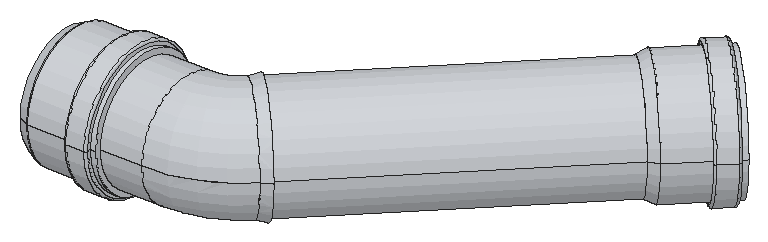
Revit family "RAUPIANO PLUS Deflection Bend 45", category Pipe Fittings, Revit 2012
Parameters (values of type "Standard")
  z2tmin [instance] = z2 + tmin  # 255.3 mm
  z2 [instance] = size_lookup(Lookup Table Name, "z2", 0 mm, Nominal Diameter, alpha)  # 206 mm
  z1 [instance] = size_lookup(Lookup Table Name, "z1", 0 mm, Nominal Diameter, alpha)  # 47 mm
  tmin [instance] = size_lookup("RAUPIANO Pipe.csv", "tmin", 0 mm, Nominal Diameter)  # 49.3 mm
  re [instance] = de / 2  # 37.5 mm
  e [instance] = size_lookup("RAUPIANO Pipe.csv", "e", 0 mm, Nominal Diameter)  # 1.9 mm
  de [instance] = size_lookup("RAUPIANO Pipe.csv", "de", 0 mm, Nominal Diameter)  # 75 mm
  bminx2 [instance] = bmin * 2  # 7 mm
  Type Comments = "RAU-PP; Push-fit; White"  # constant formula
  Thermal expansion coefficient [instance] = "0,09 mm/m.K"  # constant formula
  Temperature resistance [instance] = "90°C (continuous), 95°C (short term)"  # constant formula
  T3 = "DN 110 - 45 degree"
  T2 = "DN 90 - 45 degree"
  T1 = "DN 75 - 45 degree"
  Spec Text [instance] = if(D = 75 mm, T1, if(D = 90 mm, T2, if(D = 110 mm, T3, Fail)))  # "DN 75 - 45 degree"
  Pressure resistance [instance] = "1 bar (100 kPa, 10m)"  # constant formula
  Materialcode SAP [instance] = if(D = 75 mm, M1, if(D = 90 mm, M2, if(D = 110 mm, M3, Fail)))  # "11230561001"
  Manufacturer = "REHAU"  # constant formula
  M3 = "11230581001"
  M2 = "11230571001"
  M1 = "11230561001"
  Health and environmental impact [instance] = "Halogen-free (no F, Cl, Br, J) and 100% recyclable"  # constant formula
  Fire load [instance] = "14.992 kJ/kg"  # constant formula
  Fire behaviour [instance] = "B2 (DIN 4102); D,S3-d0 (EN 13501-1)"  # constant formula
  Fail = "No article found"
  Description = "REHAU RAUPIANO PLUS deflection bend"  # constant formula
  D [instance] = Nominal Diameter  # 75 mm
  Class [instance] = "SN4"  # constant formula
  Chemical resistance [instance] = "pH 2 - 12"  # constant formula
  Belt thickness [instance] = ((Dmax / 2) - Sleeve Radius 1)  # 3.5 mm
  bmin [instance] = size_lookup("RAUPIANO Pipe.csv", "bmin", 0 mm, Nominal Diameter)  # 3.5 mm
  Sleeve Radius 2 [instance] = (Dmax + de) / 4  # 41 mm
  Sleeve Radius 1 [instance] = (Dmax + de) / 4  # 41 mm
  Sleeve Length 2 2 [instance] = tmin - bmin  # 45.8 mm
  Sleeve Length 1 [instance] = tmin + bmin  # 52.8 mm
  Nominal Radius [instance] = 37.5 mm
  Nominal Diameter [instance] = Nominal Radius * 2  # 75 mm
  Loss Method = K Coefficient from Table
  Lookup Table Name = "RAUPIANO Deflection Bend 45.csv"
  K Coefficient Table = "Regular 45, 90 and 180 Elbow"
  Dmax [instance] = size_lookup("RAUPIANO Pipe.csv", "Dmax", 0 mm, Nominal Diameter)  # 89 mm
  Center to End [instance] = Center Radius * tan(alpha / 2)  # 19.054 mm
  Center Radius [instance] = re + bmin + 5 mm  # 46 mm
  alpha [instance] = 45.00°  # constant formula
  Belt Radius 2 [instance] = ((Dmax / 2) - Sleeve Radius 2) / 2.5  # 1.4 mm
  Belt Radius 1 [instance] = ((Dmax / 2) - Sleeve Radius 1) / 2.5  # 1.4 mm
  Belt Length 2 [instance] = 3 / 10 * tmin  # 14.79 mm
  Belt Length 1 [instance] = 3 / 10 * tmin  # 14.79 mm
  Article No [instance] = if(D = 75 mm, A1, if(D = 90 mm, A2, if(D = 110 mm, A3, Fail)))  # "123056-001"
  Application [instance] = "Not to be exposed to UV-radiation"  # constant formula
  Acoustic properties [instance] = "Rw + Ctr 42 (with industry standard suspended ceiling)"  # constant formula
  A3 = "123058-001"
  A2 = "123057-001"
  A1 = "123056-001"
Reference planes
  plane 1 "Center (Front/Back)": y = 0
  plane 2: z = 0
  plane 3 "Center (Left/Right)": x = 0
  plane 4: x = -19.054
  plane 5: y = 46
  plane 6: x = -92.8
  plane 7: x = -96.3
  plane 8: x = -99.8
  plane 9: x = -50.5
  plane 10: x = -65.29
  plane 11: x = -47
Forms (mm)
  Sweep 1, solid, detail levels fine
    path in 3D
      loop
        line (-92.8, 0, 0) -> (-47, 0, 0)
    profile origin (-69.9, 0, 0) x (0, 1, 0) y (0, 0, 1)
      loop
        circle (0, 0) r 41
  Sweep 2, solid, detail levels fine
    path in 3D
      loop
        arc (-19.054, 0, 0) -> (-1.45, 3.502, 0) -> (13.473, 13.473, 0) r 46
    profile origin (-1.45, 3.502, 0) x (-0.382683, 0.92388, 0) y (0, 0, 1)
      loop
        circle (0, 0) r 37.5
  Revolve 3, solid, detail levels fine
    sketch origin (13.473, 13.473, 0) x (0.707107, 0.707107, 0) y (-0.707107, 0.707107, 0)
      loop
        line (251.8, -41) -> (237.01, -41) -> (237.01, -43.1)
        arc (237.01, -43.1) -> (237.42, -44.09) -> (238.41, -44.5) r 1.4
        line (238.41, -44.5) -> (250.4, -44.5)
        arc (250.4, -44.5) -> (251.39, -44.09) -> (251.8, -43.1) r 1.4
        line (251.8, -43.1) -> (251.8, -41)
      axis (237.01, 0) -> (251.8, 0)
    angle from 0 to 360
  SweptBlend 4, solid, detail levels fine
    path in 3D
      loop
        line (161.612, 161.612, 0) -> (156.662, 156.662, 0)
    profile origin (161.612, 161.612, 0) x (0.707107, -0.707107, 0) y (0, 0, 1)
      loop
        circle (0, 0) r 41
    end profile origin (156.662, 156.662, 0) x (0.707107, -0.707107, 0) y (0, 0, 1)
      loop
        circle (0, 0) r 37.5
  Sweep 5, solid, detail levels fine
    path in 3D
      loop
        line (161.612, 161.612, 0) -> (193.997, 193.997, 0)
    profile origin (177.805, 177.805, 0) x (-0.707107, 0.707107, 0) y (0, 0, 1)
      loop
        circle (0, 0) r 41
  SweptBlend 6, solid, detail levels fine
    path in 3D
      loop
        line (-92.8, 0, 0) -> (-99.8, 0, 0)
    profile origin (-92.8, 0, 0) x (0, -1, 0) y (0, 0, 1)
      loop
        circle (0, 0) r 41
    end profile origin (-99.8, 0, 0) x (0, -1, 0) y (0, 0, 1)
      loop
        circle (0, 0) r 37.5
  Revolve 7, solid, detail levels fine
    sketch origin (0, 0, 0) x (1, 0, 0) y (0, 1, 0)
      loop
        line (-65.29, -41) -> (-65.29, -43.1)
        arc (-65.29, -43.1) -> (-64.88, -44.09) -> (-63.89, -44.5) r 1.4
        line (-63.89, -44.5) -> (-51.9, -44.5)
        arc (-51.9, -44.5) -> (-50.91, -44.09) -> (-50.5, -43.1) r 1.4
        line (-50.5, -43.1) -> (-50.5, -41) -> (-65.29, -41)
      axis (-50.5, 0) -> (-65.29, 0)
    angle from 0 to 360
  Extrusion 8, solid, detail levels fine
    sketch origin (-19.054, 1524, 1219.2) x (0, 1, 0) y (0, 0, 1)
      loop
        circle (-1524, -1219.2) r 37.5
    from 0 to -27.946
  Revolve 9, solid, detail levels fine
    sketch origin (13.473, 13.473, 0) x (0.707107, 0.707107, 0) y (-0.707107, 0.707107, 0)
      loop
        line (0, -37.5) -> (7, -39.4) -> (7, -37.5) -> (0, -37.5)
      axis (0, 0) -> (7, 0)
    angle from 0 to 360
  Sweep 10, solid, detail levels fine
    path in 3D
      loop
        line (13.473, 13.473, 0) -> (156.662, 156.662, 0)
    profile origin (85.068, 85.068, 0) x (-0.707107, 0.707107, 0) y (0, 0, 1)
      loop
        circle (0, 0) r 37.5
Cuts and joins
  joined: Sweep 2, Extrusion 8, Revolve 9, Sweep 10
Lines and regions (mm)
  reference lines
    curve 1: line (-92.8, 0, 0) -> (-47, 0, 0)
    curve 2: arc (-19.054, 0, 0) -> (-1.45, 3.502, 0) -> (13.473, 13.473, 0) r 46
    curve 3: line (13.473, 13.473, 0) -> (193.997, 193.997, 0)
    curve 6: line (152.073, 210.056, 0) -> (210.056, 152.073, 0)
    curve 7: line (162.531, 220.514, 0) -> (220.514, 162.531, 0)
    curve 8: line (161.612, 161.612, 0) -> (193.997, 193.997, 0)
    curve 9: line (161.612, 161.612, 0) -> (156.662, 156.662, 0)
    curve 12: line (-92.8, 0, 0) -> (-99.8, 0, 0)
    curve 19: line (13.473, 13.473, 0) -> (39.99, -13.043, 0)
    curve 20: line (13.473, 13.473, 0) -> (156.662, 156.662, 0)
  sketch lines
    curve 4: line (-92.8, 0, 0) -> (-47, 0, 0)
    curve 5: arc (-19.054, 0, 0) -> (-1.45, 3.502, 0) -> (13.473, 13.473, 0) r 46
    curve 10: line (161.612, 161.612, 0) -> (156.662, 156.662, 0)
    curve 11: line (161.612, 161.612, 0) -> (193.997, 193.997, 0)
    curve 13: line (-92.8, 0, 0) -> (-99.8, 0, 0)
    curve 21: line (13.473, 13.473, 0) -> (156.662, 156.662, 0)
  model lines, style "PipeFitting", detail levels coarse+medium
    curve 14: line (-99.8, 37.5, 0) -> (-99.8, -37.5, 0)
    curve 15: line (-19.054, 0, 0) -> (-99.8, 0, 0)
    curve 16: arc (-19.054, 0, 0) -> (-1.45, 3.502, 0) -> (13.473, 13.473, 0) r 46
    curve 17: line (13.473, 13.473, 0) -> (193.997, 193.997, 0)
    curve 18: line (167.481, 220.514, 0) -> (220.514, 167.481, 0)
  model lines, style "Symbol", detail levels coarse+medium
    curve 22: line (193.997, 193.997, 37.5) -> (193.997, 193.997, -37.5)
    curve 23: line (-99.8, 0, 37.5) -> (-99.8, 0, -37.5)
Dimensions and locks
  "Center to End": plane 4 to plane 3 "Center (Left/Right)"
  "Center Radius": plane 5 to plane 1 "Center (Front/Back)"
  "tmin": plane 7 to plane 11
  "z2tmin": curve 3 to curve 3
  locked: plane 5 to curve 2 at 0
  locked: plane 4 to curve 2 at 0
  equal spacing: curve 6, curve 3, curve 6
  "Sleeve Radius 2": curve 6 to curve 3
  equal spacing: curve 7, curve 3, curve 7
  "Belt thickness": curve 7 to curve 3
  "Sleeve Radius 2": curve 7 to curve 3
  "Belt Length 2": curve 6 to curve 7
  "Belt thickness": Revolve 3 sketch curve to Revolve 3 sketch curve
  equal spacing: plane 8, plane 7, plane 6
  "bmin": plane 7 to plane 6
  "Belt thickness": plane 9 to plane 11
  "Belt Length 1": plane 10 to plane 9
  "Belt thickness": Revolve 7 sketch curve to Revolve 7 sketch curve
  "Sleeve Radius 1": Revolve 7 sketch curve to plane 1 "Center (Front/Back)"
  "de": curve 14 to curve 14
  equal spacing: curve 14, plane 1 "Center (Front/Back)", curve 14
  "de": curve 18 to curve 18
  equal spacing: curve 18, curve 17, curve 18
  "z2tmin": curve 17 to curve 17
  "z1": plane 11 to plane 3 "Center (Left/Right)"
  "bminx2": curve 9 to curve 9
  "Sleeve Length 2 2": curve 8 to curve 8
  "re": curve 19 to curve 19
  "e": Revolve 9 sketch curve to Revolve 9 sketch curve
  "bminx2": Revolve 9 sketch curve to Revolve 9 sketch curve
  equal spacing: curve 22, curve 3, curve 22
  "Nominal Radius": curve 3 to curve 22
  equal spacing: curve 23, level, curve 23
  "Nominal Radius": curve 23 to level
  "Center Radius": radius of curve 2
  "Sleeve Radius 1": radius of Sweep 1 sketch curve
  "re": radius of Sweep 2 sketch curve
  "Belt Radius 2": radius of Revolve 3 sketch curve  (x2)
  "Sleeve Radius 2": radius of SweptBlend 4 sketch curve
  "re": radius of SweptBlend 4 sketch curve
  "Sleeve Radius 2": radius of Sweep 5 sketch curve
  "Sleeve Radius 1": radius of SweptBlend 6 sketch curve
  "re": radius of SweptBlend 6 sketch curve
  "Belt Radius 1": radius of Revolve 7 sketch curve  (x2)
  "re": radius of Extrusion 8 sketch curve
  "re": radius of Sweep 10 sketch curve
  "alpha": angle curve 2 to curve 2
  "alpha": angle plane 1 "Center (Front/Back)" to curve 3
  "alpha": angle curve 16 to curve 16
  locked: curve 17 to curve 18 (angle 90.00°)
  aligned and locked: plane 1 "Center (Front/Back)" to curve 1
  aligned and locked: plane 4 to curve 2
  aligned and locked: Revolve 3 sketch curve to curve 3
  aligned and locked: curve 7 to Revolve 3 sketch curve
  aligned and locked: curve 6 to Revolve 3 sketch curve
  aligned and locked: Revolve 3 sketch curve to curve 6
  aligned and locked: Revolve 3 sketch curve to Revolve 3 sketch curve
  aligned and locked: plane 6 to curve 12
  aligned and locked: plane 8 to curve 12
  aligned and locked: Revolve 7 sketch curve to plane 9
  aligned and locked: Revolve 7 sketch curve to plane 10
  aligned and locked: Revolve 7 sketch curve to Revolve 7 sketch curve
  aligned and locked: curve 14 to plane 8
  aligned and locked: plane 4 to curve 15
  aligned and locked: plane 1 "Center (Front/Back)" to curve 16
  aligned and locked: curve 3 to curve 17
  aligned and locked: curve 18 to curve 3
  aligned and locked: plane 11 to curve 1
  aligned and locked: Extrusion 8 to plane 11
  aligned and locked: curve 19 to Revolve 9 sketch curve
  aligned and locked: Revolve 9 sketch curve to curve 19
  aligned and locked: Revolve 9 sketch curve to curve 3
  aligned and locked: curve 20 to curve 3
  aligned and locked: curve 22 to curve 3
  aligned and locked: curve 23 to plane 8
Automatic sketch dimensions
  Sweep 1 sketch curve to profile plane = 0 mm  (x2)
  Sweep 2 sketch curve to profile plane = 0 mm
  profile plane to Sweep 2 sketch curve = 0 mm
  Revolve 3 sketch curve to curve 3 = 0 mm  (x2)
  SweptBlend 4 sketch curve to profile plane = 0 mm  (x4)
  Sweep 5 sketch curve to profile plane = 0 mm
  profile plane to Sweep 5 sketch curve = 0 mm
  SweptBlend 6 sketch curve to profile plane = 0 mm  (x4)
  Revolve 7 sketch curve to plane 1 "Center (Front/Back)" = 0 mm
  Revolve 7 sketch curve to plane 8 = 1428.071 mm
  plane 3 "Center (Left/Right)" to Revolve 7 sketch curve = 1524 mm
  curve 16 to plane 5 = 0 mm
  Extrusion 8 sketch curve to level = 0 mm
  Extrusion 8 sketch curve to plane 1 "Center (Front/Back)" = 0 mm
  Revolve 9 sketch curve to curve 3 = 0 mm  (x2)
  curve 20 to curve 3 = 0 mm
  curve 8 to curve 3 = 0 mm
  Sweep 10 sketch curve to profile plane = 0 mm
  profile plane to Sweep 10 sketch curve = 0 mm
Connectors
  piping at (-99.8, 0, 0), driven by "Nominal Radius"
    settings: on SweptBlend 6, index 1, connector radius 37.5 mm, flow factor 0, pipe flow 0.0 L/s, pressure drop 0.0 Pa, fitting loss kfactor 0, connector angle 0.00°, fixture units 0, engagement length 0 mm, flow configuration 0, flow direction 0, fitting loss method 0, system type 28, joint type 0, gender type 0, connector reference index 2, connector utility 0, adjustable connector no, is connector primary yes, fitting loss table "", connector description ""
  piping at (193.997, 193.997, 0), driven by "alpha", driven by "Nominal Radius"
    settings: on Sweep 5, index 2, connector radius 37.5 mm, flow factor 0, pipe flow 0.0 L/s, pressure drop 0.0 Pa, fitting loss kfactor 0, connector angle 45.00°, fixture units 0, engagement length 0 mm, flow configuration 0, flow direction 0, fitting loss method 0, system type 28, joint type 0, gender type 0, connector reference index 1, connector utility 0, adjustable connector no, is connector primary no, fitting loss table "", connector description ""
